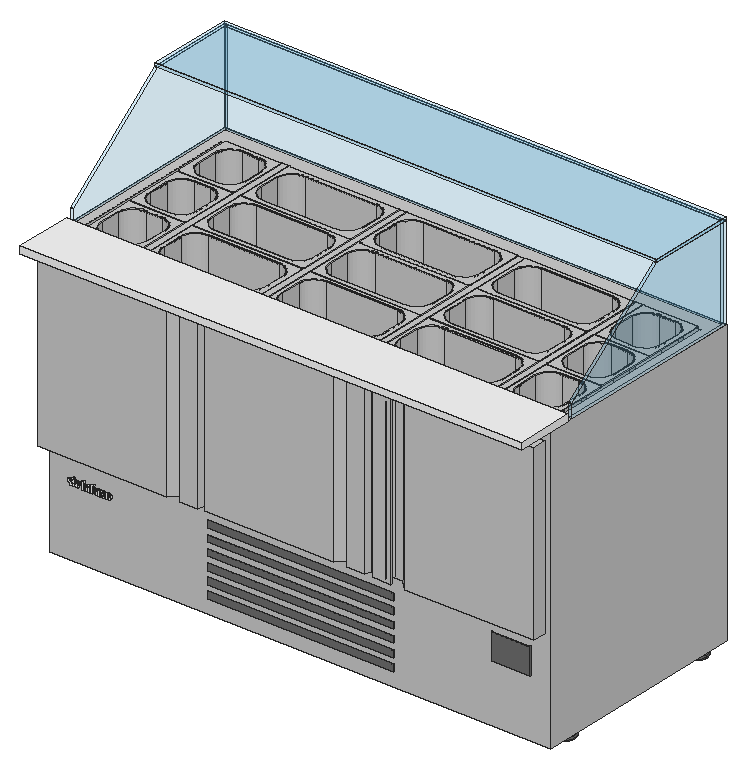
Revit family "QF_INFRICO_ME1003KB_250813092744", category Specialty Equipment, Revit 2021 (continued)
Definition of nested family "QF_INFRICO_ME1003KB_2920"
  Forms (mm)
    Extrusion 57, solid
      sketch origin (-458.208, -3582.67, 844) x (1, 0, 0) y (0, 1, 0)
        loop
          line (1427.941, 3017.045) -> (1634.641, 3017.045)
          arc (1634.641, 3017.045) -> (1667.309, 3030.577) -> (1680.841, 3063.245) r 46.2
          line (1680.841, 3063.245) -> (1680.841, 3123.245)
          arc (1680.841, 3123.245) -> (1667.309, 3155.914) -> (1634.641, 3169.445) r 46.2
          line (1634.641, 3169.445) -> (1427.941, 3169.445)
      from 0 to 2
    Sweep 58, solid
      path origin (858.762, 259.366, 949.504) x (1, 0, 0) y (0, 1, 0)
        loop
          line (62.971, -366.791) -> (62.971, -426.791)
          arc (62.971, -426.791) -> (77.03, -460.732) -> (110.971, -474.791) r 48
          line (110.971, -474.791) -> (317.671, -474.791)
          arc (317.671, -474.791) -> (351.612, -460.732) -> (365.671, -426.791) r 48
          line (365.671, -426.791) -> (365.671, -366.791)
          arc (365.671, -366.791) -> (351.612, -332.85) -> (317.671, -318.791) r 48
          line (317.671, -318.791) -> (110.971, -318.791)
          arc (110.971, -318.791) -> (77.03, -332.85) -> (62.971, -366.791) r 48
      profile origin (921.732, -137.425, 949.504) x (1, 0, 0) y (0, 0, 1)
        loop
          line (12.801, -252.7) -> (12.801, -250.7)
          arc (12.801, -250.7) -> (6.436, -248.064) -> (3.8, -241.699) r 9.001
          line (3.8, -241.699) -> (3.8, -105.504) -> (1.8, -105.504) -> (1.8, -241.699)
          arc (1.8, -241.699) -> (5.022, -249.478) -> (12.801, -252.7) r 11.001
    Extrusion 59, solid
      sketch origin (858.762, 259.366, 696.804) x (1, 0, 0) y (0, 1, 0)
        loop
          line (75.772, -366.791) -> (75.772, -426.791)
          arc (75.772, -426.791) -> (86.081, -451.68) -> (110.971, -461.99) r 35.199
          line (110.971, -461.99) -> (317.671, -461.99)
          arc (317.671, -461.99) -> (342.56, -451.68) -> (352.87, -426.791) r 35.199
          line (352.87, -426.791) -> (352.87, -366.791)
          arc (352.87, -366.791) -> (342.56, -341.901) -> (317.671, -331.592) r 35.199
          line (317.671, -331.592) -> (110.971, -331.592)
          arc (110.971, -331.592) -> (86.081, -341.901) -> (75.772, -366.791) r 35.199
      from 0 to 2
    Extrusion 60, solid
      sketch origin (-458.208, -3230.67, 844) x (1, 0, 0) y (0, 1, 0)
        loop
          arc (1374.941, 3181.245) -> (1371.405, 3179.781) -> (1369.941, 3176.245) r 5
          line (1369.941, 3176.245) -> (1369.941, 3010.245)
          arc (1369.941, 3010.245) -> (1371.405, 3006.71) -> (1374.941, 3005.245) r 5
          line (1374.941, 3005.245) -> (1689.441, 3005.245)
          arc (1689.441, 3005.245) -> (1692.976, 3006.71) -> (1694.441, 3010.245) r 5
          line (1694.441, 3010.245) -> (1694.441, 3176.245)
          arc (1694.441, 3176.245) -> (1692.976, 3179.781) -> (1689.441, 3181.245) r 5
          line (1689.441, 3181.245) -> (1374.941, 3181.245)
        loop
          arc (1427.941, 3169.445) -> (1395.272, 3155.914) -> (1381.741, 3123.245) r 46.2
          line (1381.741, 3123.245) -> (1381.741, 3063.245)
          arc (1381.741, 3063.245) -> (1395.272, 3030.577) -> (1427.941, 3017.045) r 46.2
          line (1427.941, 3017.045) -> (1634.641, 3017.045)
          arc (1634.641, 3017.045) -> (1667.309, 3030.577) -> (1680.841, 3063.245) r 46.2
          line (1680.841, 3063.245) -> (1680.841, 3123.245)
          arc (1680.841, 3123.245) -> (1667.309, 3155.914) -> (1634.641, 3169.445) r 46.2
          line (1634.641, 3169.445) -> (1427.941, 3169.445)
      from 0 to 2
    Extrusion 61, solid
      sketch origin (341.4, 0, 2) x (1, 0, 0) y (0, 0, 1)
        loop
          line (207.032, 844) -> (207.032, 842) -> (226.432, 842) -> (226.432, 844) -> (207.032, 844)
      from 49.425 to 577.425
    Extrusion 62, solid
      sketch origin (685.3, 0, 2) x (1, 0, 0) y (0, 0, 1)
        loop
          line (207.032, 844) -> (207.032, 842) -> (226.432, 842) -> (226.432, 844) -> (207.032, 844)
      from 49.425 to 577.425
    Extrusion 63, solid
      sketch origin (1029.2, 0, 2) x (1, 0, 0) y (0, 0, 1)
        loop
          line (207.032, 844) -> (207.032, 842) -> (226.432, 842) -> (226.432, 844) -> (207.032, 844)
      from 49.425 to 577.425
    Sweep 64, solid
      path origin (1202.662, 259.366, 949.504) x (1, 0, 0) y (0, 1, 0)
        loop
          line (62.971, -366.791) -> (62.971, -426.791)
          arc (62.971, -426.791) -> (77.03, -460.732) -> (110.971, -474.791) r 48
          line (110.971, -474.791) -> (156.971, -474.791)
          arc (156.971, -474.791) -> (190.912, -460.732) -> (204.971, -426.791) r 48
          line (204.971, -426.791) -> (204.971, -366.791)
          arc (204.971, -366.791) -> (190.912, -332.85) -> (156.971, -318.791) r 48
          line (156.971, -318.791) -> (110.971, -318.791)
          arc (110.971, -318.791) -> (77.03, -332.85) -> (62.971, -366.791) r 48
      profile origin (1265.632, -137.425, 949.504) x (1, 0, 0) y (0, 0, 1)
        loop
          line (12.801, -252.7) -> (12.801, -250.7)
          arc (12.801, -250.7) -> (6.436, -248.064) -> (3.8, -241.699) r 9.001
          line (3.8, -241.699) -> (3.8, -105.504) -> (1.8, -105.504) -> (1.8, -241.699)
          arc (1.8, -241.699) -> (5.022, -249.478) -> (12.801, -252.7) r 11.001
    Extrusion 65, solid
      sketch origin (1202.662, 259.366, 696.804) x (1, 0, 0) y (0, 1, 0)
        loop
          line (75.772, -366.791) -> (75.772, -426.791)
          arc (75.772, -426.791) -> (86.081, -451.68) -> (110.971, -461.99) r 35.199
          line (110.971, -461.99) -> (156.971, -461.99)
          arc (156.971, -461.99) -> (181.86, -451.68) -> (192.17, -426.791) r 35.199
          line (192.17, -426.791) -> (192.17, -366.791)
          arc (192.17, -366.791) -> (181.86, -341.901) -> (156.971, -331.592) r 35.199
          line (156.971, -331.592) -> (110.971, -331.592)
          arc (110.971, -331.592) -> (86.081, -341.901) -> (75.772, -366.791) r 35.199
      from 0 to 2
    Extrusion 66, solid
      sketch origin (-114.308, -3230.67, 844) x (1, 0, 0) y (0, 1, 0)
        loop
          arc (1374.941, 3181.245) -> (1371.405, 3179.781) -> (1369.941, 3176.245) r 5
          line (1369.941, 3176.245) -> (1369.941, 3010.245)
          arc (1369.941, 3010.245) -> (1371.405, 3006.71) -> (1374.941, 3005.245) r 5
          line (1374.941, 3005.245) -> (1526.941, 3005.245)
          arc (1526.941, 3005.245) -> (1530.476, 3006.71) -> (1531.941, 3010.245) r 5
          line (1531.941, 3010.245) -> (1531.941, 3176.245)
          arc (1531.941, 3176.245) -> (1530.476, 3179.781) -> (1526.941, 3181.245) r 5
          line (1526.941, 3181.245) -> (1374.941, 3181.245)
        loop
          arc (1427.941, 3169.445) -> (1395.272, 3155.914) -> (1381.741, 3123.245) r 46.2
          line (1381.741, 3123.245) -> (1381.741, 3063.245)
          arc (1381.741, 3063.245) -> (1395.272, 3030.577) -> (1427.941, 3017.045) r 46.2
          line (1427.941, 3017.045) -> (1473.941, 3017.045)
          arc (1473.941, 3017.045) -> (1506.609, 3030.577) -> (1520.141, 3063.245) r 46.2
          line (1520.141, 3063.245) -> (1520.141, 3123.245)
          arc (1520.141, 3123.245) -> (1506.609, 3155.914) -> (1473.941, 3169.445) r 46.2
          line (1473.941, 3169.445) -> (1427.941, 3169.445)
      from 0 to 2
    Sweep 67, solid
      path origin (1202.662, 83.366, 949.504) x (1, 0, 0) y (0, 1, 0)
        loop
          line (62.971, -366.791) -> (62.971, -426.791)
          arc (62.971, -426.791) -> (77.03, -460.732) -> (110.971, -474.791) r 48
          line (110.971, -474.791) -> (156.971, -474.791)
          arc (156.971, -474.791) -> (190.912, -460.732) -> (204.971, -426.791) r 48
          line (204.971, -426.791) -> (204.971, -366.791)
          arc (204.971, -366.791) -> (190.912, -332.85) -> (156.971, -318.791) r 48
          line (156.971, -318.791) -> (110.971, -318.791)
          arc (110.971, -318.791) -> (77.03, -332.85) -> (62.971, -366.791) r 48
      profile origin (1265.632, -313.425, 949.504) x (1, 0, 0) y (0, 0, 1)
        loop
          line (12.801, -252.7) -> (12.801, -250.7)
          arc (12.801, -250.7) -> (6.436, -248.064) -> (3.8, -241.699) r 9.001
          line (3.8, -241.699) -> (3.8, -105.504) -> (1.8, -105.504) -> (1.8, -241.699)
          arc (1.8, -241.699) -> (5.022, -249.478) -> (12.801, -252.7) r 11.001
    Extrusion 68, solid
      sketch origin (1202.662, 83.366, 696.804) x (1, 0, 0) y (0, 1, 0)
        loop
          line (75.772, -366.791) -> (75.772, -426.791)
          arc (75.772, -426.791) -> (86.081, -451.68) -> (110.971, -461.99) r 35.199
          line (110.971, -461.99) -> (156.971, -461.99)
          arc (156.971, -461.99) -> (181.86, -451.68) -> (192.17, -426.791) r 35.199
          line (192.17, -426.791) -> (192.17, -366.791)
          arc (192.17, -366.791) -> (181.86, -341.901) -> (156.971, -331.592) r 35.199
          line (156.971, -331.592) -> (110.971, -331.592)
          arc (110.971, -331.592) -> (86.081, -341.901) -> (75.772, -366.791) r 35.199
      from 0 to 2
    Extrusion 69, solid
      sketch origin (-114.308, -3406.67, 844) x (1, 0, 0) y (0, 1, 0)
        loop
          arc (1374.941, 3181.245) -> (1371.405, 3179.781) -> (1369.941, 3176.245) r 5
          line (1369.941, 3176.245) -> (1369.941, 3010.245)
          arc (1369.941, 3010.245) -> (1371.405, 3006.71) -> (1374.941, 3005.245) r 5
          line (1374.941, 3005.245) -> (1526.941, 3005.245)
          arc (1526.941, 3005.245) -> (1530.476, 3006.71) -> (1531.941, 3010.245) r 5
          line (1531.941, 3010.245) -> (1531.941, 3176.245)
          arc (1531.941, 3176.245) -> (1530.476, 3179.781) -> (1526.941, 3181.245) r 5
          line (1526.941, 3181.245) -> (1374.941, 3181.245)
        loop
          arc (1427.941, 3169.445) -> (1395.272, 3155.914) -> (1381.741, 3123.245) r 46.2
          line (1381.741, 3123.245) -> (1381.741, 3063.245)
          arc (1381.741, 3063.245) -> (1395.272, 3030.577) -> (1427.941, 3017.045) r 46.2
          line (1427.941, 3017.045) -> (1473.941, 3017.045)
          arc (1473.941, 3017.045) -> (1506.609, 3030.577) -> (1520.141, 3063.245) r 46.2
          line (1520.141, 3063.245) -> (1520.141, 3123.245)
          arc (1520.141, 3123.245) -> (1506.609, 3155.914) -> (1473.941, 3169.445) r 46.2
          line (1473.941, 3169.445) -> (1427.941, 3169.445)
      from 0 to 2
    Sweep 70, solid
      path origin (1202.662, -92.634, 949.504) x (1, 0, 0) y (0, 1, 0)
        loop
          line (62.971, -366.791) -> (62.971, -426.791)
          arc (62.971, -426.791) -> (77.03, -460.732) -> (110.971, -474.791) r 48
          line (110.971, -474.791) -> (156.971, -474.791)
          arc (156.971, -474.791) -> (190.912, -460.732) -> (204.971, -426.791) r 48
          line (204.971, -426.791) -> (204.971, -366.791)
          arc (204.971, -366.791) -> (190.912, -332.85) -> (156.971, -318.791) r 48
          line (156.971, -318.791) -> (110.971, -318.791)
          arc (110.971, -318.791) -> (77.03, -332.85) -> (62.971, -366.791) r 48
      profile origin (1265.632, -489.425, 949.504) x (1, 0, 0) y (0, 0, 1)
        loop
          line (12.801, -252.7) -> (12.801, -250.7)
          arc (12.801, -250.7) -> (6.436, -248.064) -> (3.8, -241.699) r 9.001
          line (3.8, -241.699) -> (3.8, -105.504) -> (1.8, -105.504) -> (1.8, -241.699)
          arc (1.8, -241.699) -> (5.022, -249.478) -> (12.801, -252.7) r 11.001
    Extrusion 71, solid
      sketch origin (1202.662, -92.634, 696.804) x (1, 0, 0) y (0, 1, 0)
        loop
          line (75.772, -366.791) -> (75.772, -426.791)
          arc (75.772, -426.791) -> (86.081, -451.68) -> (110.971, -461.99) r 35.199
          line (110.971, -461.99) -> (156.971, -461.99)
          arc (156.971, -461.99) -> (181.86, -451.68) -> (192.17, -426.791) r 35.199
          line (192.17, -426.791) -> (192.17, -366.791)
          arc (192.17, -366.791) -> (181.86, -341.901) -> (156.971, -331.592) r 35.199
          line (156.971, -331.592) -> (110.971, -331.592)
          arc (110.971, -331.592) -> (86.081, -341.901) -> (75.772, -366.791) r 35.199
      from 0 to 2
    Extrusion 72, solid
      sketch origin (-114.308, -3582.67, 844) x (1, 0, 0) y (0, 1, 0)
        loop
          arc (1374.941, 3181.245) -> (1371.405, 3179.781) -> (1369.941, 3176.245) r 5
          line (1369.941, 3176.245) -> (1369.941, 3010.245)
          arc (1369.941, 3010.245) -> (1371.405, 3006.71) -> (1374.941, 3005.245) r 5
          line (1374.941, 3005.245) -> (1526.941, 3005.245)
          arc (1526.941, 3005.245) -> (1530.476, 3006.71) -> (1531.941, 3010.245) r 5
          line (1531.941, 3010.245) -> (1531.941, 3176.245)
          arc (1531.941, 3176.245) -> (1530.476, 3179.781) -> (1526.941, 3181.245) r 5
          line (1526.941, 3181.245) -> (1374.941, 3181.245)
        loop
          arc (1427.941, 3169.445) -> (1395.272, 3155.914) -> (1381.741, 3123.245) r 46.2
          line (1381.741, 3123.245) -> (1381.741, 3063.245)
          arc (1381.741, 3063.245) -> (1395.272, 3030.577) -> (1427.941, 3017.045) r 46.2
          line (1427.941, 3017.045) -> (1473.941, 3017.045)
          arc (1473.941, 3017.045) -> (1506.609, 3030.577) -> (1520.141, 3063.245) r 46.2
          line (1520.141, 3063.245) -> (1520.141, 3123.245)
          arc (1520.141, 3123.245) -> (1506.609, 3155.914) -> (1473.941, 3169.445) r 46.2
          line (1473.941, 3169.445) -> (1427.941, 3169.445)
      from 0 to 2
  Cuts and joins
    joined: Extrusion 5, Extrusion 16, Extrusion 17
  Lines and regions (mm)
    symbolic lines
      curve 1: line (0, 0, 0) -> (1460, 0, 0)
      curve 2: line (0, 0, 0) -> (0, -746.494, 0)
      curve 3: line (0, -700, 0) -> (1460, -700, 0)
      curve 4: line (1460, -746.494, 0) -> (1460, 0, 0)
      curve 5: line (0, -255, 0) -> (1460, -255, 0)
      curve 6: line (0, -576.494, 0) -> (1460, -576.494, 0)
      curve 7: line (567.832, -576.494, 0) -> (567.832, -255, 0)
      curve 8: line (548.432, -255, 0) -> (548.432, -576.494, 0)
      curve 9: line (223.932, -255, 0) -> (223.932, -576.494, 0)
      curve 10: line (204.532, -576.494, 0) -> (204.532, -255, 0)
      curve 11: line (42.532, -255, 0) -> (42.532, -576.494, 0)
      curve 12: arc (100.532, -389.625, 0) -> (67.864, -376.093, 0) -> (54.332, -343.425, 0) r 46.2
      curve 13: line (54.332, -343.425, 0) -> (54.332, -283.425, 0)
      curve 14: arc (54.332, -283.425, 0) -> (56.846, -268.395, 0) -> (64.112, -255, 0) r 46.2
      curve 15: arc (182.953, -255, 0) -> (190.219, -268.395, 0) -> (192.732, -283.425, 0) r 46.2
      curve 16: line (192.732, -283.425, 0) -> (192.732, -343.425, 0)
      curve 17: arc (192.732, -343.425, 0) -> (179.201, -376.093, 0) -> (146.532, -389.625, 0) r 46.2
      curve 18: line (146.532, -389.625, 0) -> (100.532, -389.625, 0)
      curve 19: line (100.532, -413.225, 0) -> (146.532, -413.225, 0)
      curve 20: arc (146.532, -413.225, 0) -> (179.201, -426.757, 0) -> (192.732, -459.425, 0) r 46.2
      curve 21: arc (54.332, -459.425, 0) -> (67.864, -426.757, 0) -> (100.532, -413.225, 0) r 46.2
      curve 22: line (54.332, -519.425, 0) -> (54.332, -459.425, 0)
      curve 23: line (192.732, -459.425, 0) -> (192.732, -519.425, 0)
      curve 24: arc (192.732, -519.425, 0) -> (179.201, -552.093, 0) -> (146.532, -565.625, 0) r 46.2
      curve 25: line (146.532, -565.625, 0) -> (100.532, -565.625, 0)
      curve 26: arc (100.532, -565.625, 0) -> (67.864, -552.093, 0) -> (54.332, -519.425, 0) r 46.2
      curve 27: arc (281.932, -565.625, 0) -> (249.264, -552.093, 0) -> (235.732, -519.425, 0) r 46.2
      curve 28: line (235.732, -519.425, 0) -> (235.732, -459.425, 0)
      curve 29: arc (235.732, -459.425, 0) -> (249.264, -426.757, 0) -> (281.932, -413.225, 0) r 46.2
      curve 30: line (281.932, -413.225, 0) -> (488.632, -413.225, 0)
      curve 31: line (488.632, -565.625, 0) -> (281.932, -565.625, 0)
      curve 32: arc (534.832, -519.425, 0) -> (521.301, -552.093, 0) -> (488.632, -565.625, 0) r 46.2
      curve 33: line (534.832, -459.425, 0) -> (534.832, -519.425, 0)
      curve 34: arc (488.632, -413.225, 0) -> (521.301, -426.757, 0) -> (534.832, -459.425, 0) r 46.2
      curve 35: arc (534.832, -343.425, 0) -> (521.301, -376.093, 0) -> (488.632, -389.625, 0) r 46.2
      curve 36: line (488.632, -389.625, 0) -> (281.932, -389.625, 0)
      curve 37: arc (281.932, -389.625, 0) -> (249.264, -376.093, 0) -> (235.732, -343.425, 0) r 46.2
      curve 38: line (235.732, -343.425, 0) -> (235.732, -283.425, 0)
      curve 39: arc (235.732, -283.425, 0) -> (238.246, -268.395, 0) -> (245.512, -255, 0) r 46.2
      curve 40: arc (525.053, -255, 0) -> (532.319, -268.395, 0) -> (534.832, -283.425, 0) r 46.2
      curve 41: line (534.832, -283.425, 0) -> (534.832, -343.425, 0)
      curve 42: arc (579.632, -283.425, 0) -> (582.146, -268.395, 0) -> (589.412, -255, 0) r 46.2
      curve 43: line (579.632, -343.425, 0) -> (579.632, -283.425, 0)
      curve 44: arc (625.832, -389.625, 0) -> (593.164, -376.093, 0) -> (579.632, -343.425, 0) r 46.2
      curve 45: line (832.532, -389.625, 0) -> (625.832, -389.625, 0)
      curve 46: arc (878.732, -343.425, 0) -> (865.201, -376.093, 0) -> (832.532, -389.625, 0) r 46.2
      curve 47: line (878.732, -283.425, 0) -> (878.732, -343.425, 0)
      curve 48: arc (868.953, -255, 0) -> (876.219, -268.395, 0) -> (878.732, -283.425, 0) r 46.2
      curve 49: line (625.832, -413.225, 0) -> (832.532, -413.225, 0)
      curve 50: arc (832.532, -413.225, 0) -> (865.201, -426.757, 0) -> (878.732, -459.425, 0) r 46.2
      curve 51: line (878.732, -459.425, 0) -> (878.732, -519.425, 0)
      curve 52: arc (878.732, -519.425, 0) -> (865.201, -552.093, 0) -> (832.532, -565.625, 0) r 46.2
      curve 53: line (832.532, -565.625, 0) -> (625.832, -565.625, 0)
      curve 54: arc (625.832, -565.625, 0) -> (593.164, -552.093, 0) -> (579.632, -519.425, 0) r 46.2
      curve 55: line (579.632, -519.425, 0) -> (579.632, -459.425, 0)
      curve 56: arc (579.632, -459.425, 0) -> (593.164, -426.757, 0) -> (625.832, -413.225, 0) r 46.2
      curve 57: line (1451, -255, 0) -> (1451, -563, 0)
      curve 58: line (1451, -563, 0) -> (1460, -563, 0)
      curve 59: line (0, -563, 0) -> (9, -563, 0)
      curve 60: line (9, -563, 0) -> (9, -255, 0)
      curve 61: line (911.732, -576.494, 0) -> (911.732, -255, 0)
      curve 62: arc (923.532, -283.425, 0) -> (926.046, -268.395, 0) -> (933.312, -255, 0) r 46.2
      curve 63: line (923.532, -343.425, 0) -> (923.532, -283.425, 0)
      curve 64: arc (969.732, -389.625, 0) -> (937.064, -376.093, 0) -> (923.532, -343.425, 0) r 46.2
      curve 65: line (1176.432, -389.625, 0) -> (969.732, -389.625, 0)
      curve 66: arc (1222.632, -343.425, 0) -> (1209.101, -376.093, 0) -> (1176.432, -389.625, 0) r 46.2
      curve 67: line (1222.632, -283.425, 0) -> (1222.632, -343.425, 0)
      curve 68: arc (1212.853, -255, 0) -> (1220.119, -268.395, 0) -> (1222.632, -283.425, 0) r 46.2
      curve 69: line (969.732, -413.225, 0) -> (1176.432, -413.225, 0)
      curve 70: arc (1176.432, -413.225, 0) -> (1209.101, -426.757, 0) -> (1222.632, -459.425, 0) r 46.2
      curve 71: line (1222.632, -459.425, 0) -> (1222.632, -519.425, 0)
      curve 72: arc (1222.632, -519.425, 0) -> (1209.101, -552.093, 0) -> (1176.432, -565.625, 0) r 46.2
      curve 73: line (1176.432, -565.625, 0) -> (969.732, -565.625, 0)
      curve 74: arc (969.732, -565.625, 0) -> (937.064, -552.093, 0) -> (923.532, -519.425, 0) r 46.2
      curve 75: line (923.532, -519.425, 0) -> (923.532, -459.425, 0)
      curve 76: arc (923.532, -459.425, 0) -> (937.064, -426.757, 0) -> (969.732, -413.225, 0) r 46.2
      curve 77: line (1417.632, -576.494, 0) -> (1417.632, -255, 0)
      curve 78: line (1255.632, -255, 0) -> (1255.632, -576.494, 0)
      curve 79: arc (1313.632, -389.625, 0) -> (1280.964, -376.093, 0) -> (1267.432, -343.425, 0) r 46.2
      curve 80: line (1267.432, -343.425, 0) -> (1267.432, -283.425, 0)
      curve 81: arc (1267.432, -283.425, 0) -> (1269.946, -268.395, 0) -> (1277.212, -255, 0) r 46.2
      curve 82: arc (1396.053, -255, 0) -> (1403.319, -268.395, 0) -> (1405.832, -283.425, 0) r 46.2
      curve 83: line (1405.832, -283.425, 0) -> (1405.832, -343.425, 0)
      curve 84: arc (1405.832, -343.425, 0) -> (1392.301, -376.093, 0) -> (1359.632, -389.625, 0) r 46.2
      curve 85: line (1359.632, -389.625, 0) -> (1313.632, -389.625, 0)
      curve 86: line (1313.632, -413.225, 0) -> (1359.632, -413.225, 0)
      curve 87: arc (1359.632, -413.225, 0) -> (1392.301, -426.757, 0) -> (1405.832, -459.425, 0) r 46.2
      curve 88: arc (1267.432, -459.425, 0) -> (1280.964, -426.757, 0) -> (1313.632, -413.225, 0) r 46.2
      curve 89: line (1267.432, -519.425, 0) -> (1267.432, -459.425, 0)
      curve 90: line (1405.832, -459.425, 0) -> (1405.832, -519.425, 0)
      curve 91: arc (1405.832, -519.425, 0) -> (1392.301, -552.093, 0) -> (1359.632, -565.625, 0) r 46.2
      curve 92: line (1359.632, -565.625, 0) -> (1313.632, -565.625, 0)
      curve 93: arc (1313.632, -565.625, 0) -> (1280.964, -552.093, 0) -> (1267.432, -519.425, 0) r 46.2
      curve 94: line (204.532, -401.425, 0) -> (42.532, -401.425, 0)
      curve 95: line (548.432, -401.425, 0) -> (223.932, -401.425, 0)
      curve 96: line (892.332, -401.425, 0) -> (567.832, -401.425, 0)
      curve 97: line (892.332, -255, 0) -> (892.332, -577.425, 0)
      curve 98: line (1236.232, -401.425, 0) -> (911.732, -401.425, 0)
      curve 99: line (1236.232, -255, 0) -> (1236.232, -577.425, 0)
      curve 100: line (1417.632, -401.425, 0) -> (1255.632, -401.425, 0)
      curve 101: line (0, -746.494, 0) -> (1460, -746.494, 0)
  Dimensions and locks
    plane 1 "Back" to plane 5 "Front" = 700 mm  (x2)
    plane 6 "Top" to level = 844 mm  (x2)
    plane 4 "Right" to plane 3 "Left" = 1460 mm
    plane 3 "Left" to plane 4 "Right" = 1460 mm
    aligned and locked: level to plane 2
  Connectors
    electrical at (45, -140, 286)
      settings: on Extrusion 14, index 1, voltage 0 V, apparent load 0 VA, apparent load phase1 0 VA, apparent load phase2 0 VA, apparent load phase3 0 VA, power factor 1, load classification none, number of poles 1, system type 31, power factor state 1, is connector primary yes, connector utility no, sub classification motor no, connector description "Electrical connection"
    piping at (487, -140, 302), diameter 19.1
      settings: on Extrusion 15, index 2, connector inside diameter 609.6 mm, connector length 0 mm, flow factor 0, pipe flow 0.0 L/s, pressure drop 0.0 Pa, fitting loss kfactor 0, connector angle 0.00°, fixture units 0, engagement length 0 mm, angle of deflection 0.00°, flow configuration 1, flow direction 1, fitting loss method 0, system type 16, joint type 0, gender type 0, connector reference index -1, connector utility 0, adjustable connector no, is connector primary yes, connector description "Drain connection"
Definition of nested family "QF_INFRICO_ME_DOOR_SX_5419"
  Parameters (values of type "ME_DOOR_SX")
    Weight [instance] = 0.00 kg
    Warranty Start Date [instance] = ""
    Warranty Duration [instance] = ""
    URL Cutsheet [instance] = ""
    URL = "www.infrico.com"
    Technical Documentation [instance] = ""
    Tag Number [instance] = ""
    Status [instance] = ""
    Specification by User [instance] = ""
    Specification by Manufacturer [instance] = ""
    Sound Level [instance] = ""
    Solid Fuel Type [instance] = ""
    Show Logo [instance] = yes
    Show Clearances [instance] = yes
    Show Clearance [instance] = yes
    Service Life Duration [instance] = ""
    Serial Number [instance] = ""
    Seismic Rating [instance] = ""
    SMACNA No [instance] = ""
    Revision Code [instance] = ""
    Revision [instance] = ""
    Production Year [instance] = ""
    Point Load [instance] = 0
    Other Equipment Approvals [instance] = ""
    NAFEM Spec ID Number [instance] = ""
    Model Warning [instance] = ""
    Model = "ME_DOOR_SX"
    Masterspec [instance] = ""
    Manufacturer = "INFRICO"
    Length Actual [instance] = 0 mm
    Item Number [instance] = ""
    Installed By [instance] = ""
    Installation Date [instance] = ""
    Identify Quantity as Lot [instance] = yes
    ID [instance] = ""
    Hygiene Approval [instance] = ""
    Height Actual [instance] = 0 mm
    Furnished By [instance] = ""
    Foodservice Equipment Identifier [instance] = yes
    ETL Approved [instance] = yes
    Description = "LEFT DOOR"
    Depth Actual [instance] = 0 mm
    Default Elevation = 0 mm
    CSI MasterFormat [instance] = ""
    CE Approved [instance] = yes
    Barcode [instance] = ""
    Author [instance] = ""
    Asset Identifier [instance] = ""
    Assembly Code = "E1090320"
    Accessory [instance] = yes
  Reference planes
    plane 1 "Back": y = 0
    plane 2: z = 0
    plane 3 "Left": x = 0
    plane 4 "Right": x = 472
    plane 5 "Front": y = -57
    plane 6 "Top": z = 502
  Forms (mm)
    Extrusion 1, solid
      sketch origin (2981.326, 637.02, -168.61) x (-1, 0, 0) y (0, -1, 0)
        loop
          line (2605.426, 694.02) -> (2575.356, 663.95) -> (2552.604, 663.95) -> (2541.663, 666.881)
          arc (2541.663, 666.881) -> (2540.582, 667.631) -> (2540.222, 668.896) r 1.95
          line (2540.222, 668.896) -> (2540.566, 678.741)
          arc (2540.566, 678.741) -> (2540.774, 679.563) -> (2541.304, 680.224) r 2.001
          line (2541.304, 680.224) -> (2566.566, 690.947) -> (2566.566, 694.02) -> (2514.259, 694.02) -> (2509.326, 675.612) -> (2509.326, 654.02) -> (2981.326, 654.02) -> (2981.326, 694.02) -> (2605.426, 694.02)
      from 168.61 to 670.61
    Extrusion 2, solid
      sketch origin (0, 0, 0) x (1, 0, 0) y (0, 0, 1)
        loop
          line (457, 487) -> (15, 487) -> (15, 15) -> (457, 15) -> (457, 487)
        loop
          line (45, 457) -> (45, 45) -> (427, 45) -> (427, 457) -> (45, 457)
      from 0 to 17
    Extrusion 3, solid, detail levels coarse
      sketch origin (0, 0, 0) x (1, 0, 0) y (0, 1, 0)
        loop
          line (472, -57) -> (0, -57) -> (0, -472) -> (57, -472)
          arc (57, -472) -> (350.449, -350.449) -> (472, -57) r 415
      from 0 to 502
  Lines and regions (mm)
    symbolic lines
      curve 1: line (0, -62, 0) -> (0, -472, 0)
      curve 2: line (0, -472, 0) -> (57, -472, 0)
      curve 3: arc (57, -472, 0) -> (348.676, -352.212, 0) -> (471.97, -62, 0) r 415
  Dimensions and locks
    plane 4 "Right" to plane 3 "Left" = 472 mm
    plane 6 "Top" to level = 502 mm  (x2)
    plane 1 "Back" to plane 5 "Front" = 57 mm  (x2)
    plane 3 "Left" to plane 4 "Right" = 472 mm
    aligned and locked: level to plane 2
Definition of nested family "QF_INFRICO_ME_DOOR_SX_6197"
  Parameters (values of type "ME_DOOR_SX")
    Weight [instance] = 0.00 kg
    Warranty Start Date [instance] = ""
    Warranty Duration [instance] = ""
    URL Cutsheet [instance] = ""
    URL = "www.infrico.com"
    Technical Documentation [instance] = ""
    Tag Number [instance] = ""
    Status [instance] = ""
    Specification by User [instance] = ""
    Specification by Manufacturer [instance] = ""
    Sound Level [instance] = ""
    Solid Fuel Type [instance] = ""
    Show Logo [instance] = yes
    Show Clearances [instance] = yes
    Show Clearance [instance] = yes
    Service Life Duration [instance] = ""
    Serial Number [instance] = ""
    Seismic Rating [instance] = ""
    SMACNA No [instance] = ""
    Revision Code [instance] = ""
    Revision [instance] = ""
    Production Year [instance] = ""
    Point Load [instance] = 0
    Other Equipment Approvals [instance] = ""
    NAFEM Spec ID Number [instance] = ""
    Model Warning [instance] = ""
    Model = "ME_DOOR_SX"
    Masterspec [instance] = ""
    Manufacturer = "INFRICO"
    Length Actual [instance] = 0 mm
    Item Number [instance] = ""
    Installed By [instance] = ""
    Installation Date [instance] = ""
    Identify Quantity as Lot [instance] = yes
    ID [instance] = ""
    Hygiene Approval [instance] = ""
    Height Actual [instance] = 0 mm
    Furnished By [instance] = ""
    Foodservice Equipment Identifier [instance] = yes
    ETL Approved [instance] = yes
    Description = "LEFT DOOR"
    Depth Actual [instance] = 0 mm
    Default Elevation = 0 mm
    CSI MasterFormat [instance] = ""
    CE Approved [instance] = yes
    Barcode [instance] = ""
    Author [instance] = ""
    Asset Identifier [instance] = ""
    Assembly Code = "E1090320"
    Accessory [instance] = yes
  Reference planes
    plane 1 "Back": y = 0
    plane 2: z = 0
    plane 3 "Left": x = 0
    plane 4 "Right": x = 472
    plane 5 "Front": y = -57
    plane 6 "Top": z = 502
  Forms (mm)
    Extrusion 1, solid
      sketch origin (2981.326, 637.02, -168.61) x (-1, 0, 0) y (0, -1, 0)
        loop
          line (2605.426, 694.02) -> (2575.356, 663.95) -> (2552.604, 663.95) -> (2541.663, 666.881)
          arc (2541.663, 666.881) -> (2540.582, 667.631) -> (2540.222, 668.896) r 1.95
          line (2540.222, 668.896) -> (2540.566, 678.741)
          arc (2540.566, 678.741) -> (2540.774, 679.563) -> (2541.304, 680.224) r 2.001
          line (2541.304, 680.224) -> (2566.566, 690.947) -> (2566.566, 694.02) -> (2514.259, 694.02) -> (2509.326, 675.612) -> (2509.326, 654.02) -> (2981.326, 654.02) -> (2981.326, 694.02) -> (2605.426, 694.02)
      from 168.61 to 670.61
    Extrusion 2, solid
      sketch origin (0, 0, 0) x (1, 0, 0) y (0, 0, 1)
        loop
          line (457, 487) -> (15, 487) -> (15, 15) -> (457, 15) -> (457, 487)
        loop
          line (45, 457) -> (45, 45) -> (427, 45) -> (427, 457) -> (45, 457)
      from 0 to 17
    Extrusion 3, solid, detail levels coarse
      sketch origin (0, 0, 0) x (1, 0, 0) y (0, 1, 0)
        loop
          line (472, -57) -> (0, -57) -> (0, -472) -> (57, -472)
          arc (57, -472) -> (350.449, -350.449) -> (472, -57) r 415
      from 0 to 502
  Lines and regions (mm)
    symbolic lines
      curve 1: line (0, -62, 0) -> (0, -472, 0)
      curve 2: line (0, -472, 0) -> (57, -472, 0)
      curve 3: arc (57, -472, 0) -> (348.676, -352.212, 0) -> (471.97, -62, 0) r 415
  Dimensions and locks
    plane 4 "Right" to plane 3 "Left" = 472 mm
    plane 6 "Top" to level = 502 mm  (x2)
    plane 1 "Back" to plane 5 "Front" = 57 mm  (x2)
    plane 3 "Left" to plane 4 "Right" = 472 mm
    aligned and locked: level to plane 2
Definition of nested family "QF_INFRICO_ME_DOOR_DX_6971"
  Parameters (values of type "ME_DOOR_DX")
    Weight [instance] = 0.00 kg
    Warranty Start Date [instance] = ""
    Warranty Duration [instance] = ""
    URL Cutsheet [instance] = ""
    URL = "www.infrico.com"
    Technical Documentation [instance] = ""
    Tag Number [instance] = ""
    Status [instance] = ""
    Specification by User [instance] = ""
    Specification by Manufacturer [instance] = ""
    Sound Level [instance] = ""
    Solid Fuel Type [instance] = ""
    Show Logo [instance] = yes
    Show Clearances [instance] = yes
    Show Clearance [instance] = yes
    Service Life Duration [instance] = ""
    Serial Number [instance] = ""
    Seismic Rating [instance] = ""
    SMACNA No [instance] = ""
    Revision Code [instance] = ""
    Revision [instance] = ""
    Production Year [instance] = ""
    Point Load [instance] = 0
    Other Equipment Approvals [instance] = ""
    NAFEM Spec ID Number [instance] = ""
    Model Warning [instance] = ""
    Model = "ME_DOOR_DX"
    Masterspec [instance] = ""
    Manufacturer = "INFRICO"
    Length Actual [instance] = 0 mm
    Item Number [instance] = ""
    Installed By [instance] = ""
    Installation Date [instance] = ""
    Identify Quantity as Lot [instance] = yes
    ID [instance] = ""
    Hygiene Approval [instance] = ""
    Height Actual [instance] = 0 mm
    Furnished By [instance] = ""
    Foodservice Equipment Identifier [instance] = yes
    ETL Approved [instance] = yes
    Description = "RIGHT DOOR"
    Depth Actual [instance] = 0 mm
    Default Elevation = 0 mm
    CSI MasterFormat [instance] = ""
    CE Approved [instance] = yes
    Barcode [instance] = ""
    Author [instance] = ""
    Asset Identifier [instance] = ""
    Assembly Code = "E1090320"
    Accessory [instance] = yes
  Reference planes
    plane 1 "Back": y = 0
    plane 2: z = 0
    plane 3 "Left": x = 0
    plane 4 "Right": x = 472
    plane 5 "Front": y = -57
    plane 6 "Top": z = 502
  Forms (mm)
    Extrusion 1, solid
      sketch origin (-2509.326, 637.02, -168.61) x (1, 0, 0) y (0, 1, 0)
        loop
          line (2605.426, -694.02) -> (2981.326, -694.02) -> (2981.326, -654.02) -> (2509.326, -654.02) -> (2509.326, -675.612) -> (2514.259, -694.02) -> (2566.566, -694.02) -> (2566.566, -690.947) -> (2541.304, -680.224)
          arc (2541.304, -680.224) -> (2540.774, -679.563) -> (2540.566, -678.741) r 2.001
          line (2540.566, -678.741) -> (2540.222, -668.896)
          arc (2540.222, -668.896) -> (2540.582, -667.631) -> (2541.663, -666.881) r 1.95
          line (2541.663, -666.881) -> (2552.604, -663.95) -> (2575.356, -663.95) -> (2605.426, -694.02)
      from 168.61 to 670.61
    Extrusion 2, solid
      sketch origin (472, 0, 0) x (-1, 0, 0) y (0, 0, -1)
        loop
          line (457, -487) -> (457, -15) -> (15, -15) -> (15, -487) -> (457, -487)
        loop
          line (45, -457) -> (427, -457) -> (427, -45) -> (45, -45) -> (45, -457)
      from 0 to 17
    Extrusion 3, solid, detail levels coarse
      sketch origin (472, 0, 0) x (-1, 0, 0) y (0, -1, 0)
        loop
          arc (472, 57) -> (350.449, 350.449) -> (57, 472) r 415
          line (57, 472) -> (0, 472) -> (0, 57) -> (472, 57)
      from 0 to 502
  Lines and regions (mm)
    symbolic lines
      curve 1: line (472, -62, 0) -> (472, -472, 0)
      curve 2: line (472, -472, 0) -> (415, -472, 0)
      curve 3: arc (415, -472, 0) -> (123.324, -352.212, 0) -> (0.03, -62, 0) r 415
  Dimensions and locks
    plane 4 "Right" to plane 3 "Left" = 472 mm
    plane 6 "Top" to level = 502 mm  (x2)
    plane 1 "Back" to plane 5 "Front" = 57 mm  (x2)
    plane 3 "Left" to plane 4 "Right" = 472 mm
    aligned and locked: level to plane 2
Definition of nested family "CONN_POINT_DRAIN_2D___Generic_Annotation"
  Parameters (values of type "CONN_POINT_DRAIN_2D___Generic_Annotation")
    Onboard connection annotation symbol visibility [instance] = yes
  Reference planes
    plane 1: y = 0
    plane 2: x = 0
  Lines and regions (mm)
    detail lines, visible <- "Onboard connection annotation symbol visibility"
      curve 1: circle (0, 0, 0) r 0.5 normal (0, 0, 1)
      curve 2: line (-1, 0, 0) -> (1, 0, 0)
      curve 3: line (0, 1, 0) -> (0, -1, 0)
      curve 4: line (1.776, 1, 0) -> (1.25, 1, 0)
      curve 5: line (1.25, 1, 0) -> (1.25, -1, 0)
      curve 6: line (1.25, -1, 0) -> (1.776, -1, 0)
      curve 7: arc (2.206, -0.862, 0) -> (2.459, -0.589, 0) -> (2.583, -0.238, 0) r 0.918
      curve 8: arc (2.583, 0.238, 0) -> (2.459, 0.589, 0) -> (2.206, 0.862, 0) r 0.918
      curve 9: arc (2.583, -0.238, 0) -> (2.599, 0, 0) -> (2.583, 0.238, 0) r 1.77
      curve 10: arc (2.206, 0.862, 0) -> (2.002, 0.965, 0) -> (1.776, 1, 0) r 0.741
      curve 11: arc (1.776, -1, 0) -> (2.002, -0.965, 0) -> (2.206, -0.862, 0) r 0.741
Definition of nested family "CONN_POINT_ELE_2D___Generic_Annotation"
  Parameters (values of type "CONN_POINT_ELE_2D___Generic_Annotation")
    Onboard connection annotation symbol visibility [instance] = yes
  Reference planes
    plane 1: y = 0
    plane 2: x = 0
  Lines and regions (mm)
    detail lines, visible <- "Onboard connection annotation symbol visibility"
      curve 1: circle (0, 0, 0) r 0.5 normal (0, 0, 1)
      curve 2: line (-1, 0, 0) -> (1, 0, 0)
      curve 3: line (0, 1, 0) -> (0, -1, 0)
      curve 4: line (2.5, 1, 0) -> (1.25, 1, 0)
      curve 5: line (1.25, 1, 0) -> (1.25, -1, 0)
      curve 6: line (1.25, -1, 0) -> (2.5, -1, 0)
      curve 7: line (1.25, 0, 0) -> (2, 0, 0)
